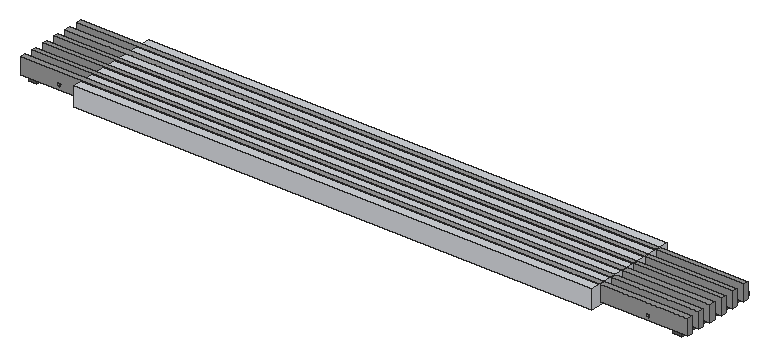
Revit family "1213-6, Solid", category Generic Models, host Face, Revit 2020
Family settings
  Host = Face
  Can host rebar = No
  Round Connector Dimension = Use Diameter
  Part Type = Normal
  Cut with Voids When Loaded = No
  Shared = No
  Room Calculation Point = No
Parameters
  min_value [instance] = 1' - 11 1/4"  # constant formula
  max_value [instance] = 11' - 11 1/4"  # constant formula
  actual_value [instance] = if(NET LENGTH < min_value, min_value, if(NET LENGTH > max_value, max_value, NET LENGTH))  # 7' - 11 1/4"
  NET LENGTH [instance] = 7' - 11 1/4"
  IMPORTANT NOTE!!!                                                                             *Backer & dowel layout is for visualization purposes only, final layout to be determined by 9Wood. [instance] = ""
  Default Elevation = 4' - 0"
  DOWEL RADIUS [instance] = 0' - 0 1/4"  # constant formula
  BACKING M MATERIAL [instance] = BLACK-BACKERS
  .. MEMBER WIDTH [instance] = 0' - 0 3/4"  # constant formula
  .. MEMBER MATERIAL [instance] = Solid Western Hemlock
  .. MEMBER DEPTH [instance] = 0' - 2 1/4"  # constant formula
  .. MEMBER COUNT [instance] = 6  # constant formula
Reference planes (in)
  plane 1 "Center (Front/Back)": y = 0
  plane 2: z = 2.726
  plane 3 "Center (Left/Right)": x = 0
Forms (in)
  Extrusion 1, solid
    sketch origin (15, -0.86619, -0.99308) x (0, 1, 0) y (-1, 0, 0)
      loop
        line (3.42869, -23.66817) -> (3.42869, 50.25) -> (-10, 50.25) -> (-10, -23.66817) -> (3.42869, -23.66817)
    from 3.71908 to 1.00111
Dimensions and locks (in)
  aligned and locked: plane 2 to Extrusion 1
Nested families (in)
  nested 1: "1200 Series" at (-44, -2, 1.87867), NET LENGTH <- "actual_value", DOWEL RADII <- "DOWEL RADIUS", .. MEMBER WIDTH <- ".. MEMBER WIDTH", .. MEMBER DEPTH <- ".. MEMBER DEPTH", .. MEMBER MATERIAL <- ".. MEMBER MATERIAL", BACKING M MATERIAL <- "BACKING M MATERIAL", .. MEMBER COUNT <- ".. MEMBER COUNT", type "1200 Series"
    with X 7' - 4", WIDTH 1' - 0 1/16", Space 0' - 0 11/16", START 0' - 0 3/8", SCRIM MATERIAL SCRIM, SCRIM 3 8' - 1", SCRIM 2 0' - 0 7/8", SCRIM 1 0' - 0 3/32", SCRIM yes, NET LENGTH 7' - 11 1/4", N 8, INSET 3 0' - 0 3/16", INSET 0' - 1", INDEX 0' - 5 5/8", END BACKER yes, DOWEL RADII 0' - 0 1/4", DOWEL COUNT 8, BACKING M WIDTH 0' - 1 1/4", BACKING M MATERIAL BLACK-BACKERS, BACKING M LENGTH 0' - 11 7/8", BACKING M DEPTH 0' - 0 1/2", .. MEMBER WIDTH 0' - 0 3/4", .. MEMBER OC TYP 0' - 2", .. MEMBER MATERIAL Solid Western Hemlock, .. MEMBER DEPTH 0' - 2 1/4", .. MEMBER COUNT 6
Definition of nested family "1200 Series"
  Parameters (values of type "1200 Series")
    X [instance] = NET LENGTH - (0' 3 5/8" * 2)  # 6' - 2"
    WIDTH [instance] = 1' - 0 1/16"
    Space [instance] = 0' - 0 11/16"  # constant formula
    START [instance] = .. MEMBER WIDTH / 2  # 0' - 0 3/8"
    SCRIM MATERIAL [instance] = none
    SCRIM 3 [instance] = NET LENGTH + (SCRIM 2 * 2)  # 6' - 11"
    SCRIM 2 [instance] = 0' - 0 7/8"
    SCRIM 1 [instance] = 0' - 0 3/32"
    SCRIM [instance] = yes
    NET LENGTH [instance] = 6' - 9 1/4"
    N [instance] = if((X - (rounddown(X / 1' 0") * 1' 0")) > 1' 0", rounddown(X / 1' 0") + 2, rounddown(X / 1' 0") + 1)  # 7
    INSET 3 [instance] = 0' - 0 3/16"
    INSET [instance] = 0' - 1"
    INDEX [instance] = (NET LENGTH - ((N - 1) * 1' 0")) / 2  # 0' - 4 5/8"
    END BACKER [instance] = yes
    Default Elevation = 0' - 0"
    DOWEL RADII [instance] = 0' - 0 1/4"
    DOWEL COUNT [instance] = N  # 7
    BACKING M WIDTH [instance] = 0' - 1 1/4"
    BACKING M MATERIAL [instance] = none
    BACKING M LENGTH [instance] = 0' - 11 7/8"
    BACKING M DEPTH [instance] = 0' - 0 1/2"
    .. MEMBER WIDTH [instance] = 0' - 0 3/4"
    .. MEMBER OC TYP [instance] = 1' 0" / .. MEMBER COUNT  # 0' - 3"
    .. MEMBER MATERIAL [instance] = none
    .. MEMBER DEPTH [instance] = 0' - 1 3/8"
    .. MEMBER COUNT [instance] = 4
  Reference planes (in)
    plane 1 "Center (Front/Back)": y = -7.5
    plane 2: z = 0
    plane 3 "Center (Left/Right)": x = 0
    plane 4: x = 1
    plane 5: x = 4.625
    plane 6: x = 81.25
    plane 7: x = 80.25
    plane 8: x = 16.625
    plane 9: y = -7.3125
    plane 10: y = -4.125
    plane 11: y = -7.125
    plane 12: y = 4.5625
    plane 13: y = -4.5
    plane 14: y = -7.59375
    plane 15: x = 82.125
    plane 16: y = 4.65625
    plane 17: x = -0.875
    plane 18: z = -1.375
    plane 19: z = -0.6875
  Lines and regions (in)
    model lines
      curve 1: line (4.375, -7.5, -0.6875) -> (4.875, -7.5, -0.6875)
    model lines, not visible
      curve 2: line (4.625, -7.5, -0.9375) -> (4.625, -7.5, -0.4375)
      curve 3: line (4.375, -7.5, -0.6875) -> (4.875, -7.5, -0.6875)
      curve 4: line (16.625, -7.5, -0.9375) -> (16.625, -7.5, -0.4375)
      curve 5: line (16.375, -7.5, -0.6875) -> (16.875, -7.5, -0.6875)
      curve 6: line (28.625, -7.5, -0.9375) -> (28.625, -7.5, -0.4375)
      curve 7: line (28.375, -7.5, -0.6875) -> (28.875, -7.5, -0.6875)
      curve 8: line (40.625, -7.5, -0.9375) -> (40.625, -7.5, -0.4375)
      curve 9: line (40.375, -7.5, -0.6875) -> (40.875, -7.5, -0.6875)
      curve 10: line (52.625, -7.5, -0.9375) -> (52.625, -7.5, -0.4375)
      curve 11: line (52.375, -7.5, -0.6875) -> (52.875, -7.5, -0.6875)
      curve 12: line (64.625, -7.5, -0.9375) -> (64.625, -7.5, -0.4375)
      curve 13: line (64.375, -7.5, -0.6875) -> (64.875, -7.5, -0.6875)
      curve 14: line (76.625, -7.5, -0.9375) -> (76.625, -7.5, -0.4375)
      curve 15: line (76.375, -7.5, -0.6875) -> (76.875, -7.5, -0.6875)
  Dimensions and locks (in)
    "NET LENGTH": plane 3 "Center (Left/Right)" to plane 6
    "INSET": plane 7 to plane 6
    "INDEX": plane 3 "Center (Left/Right)" to plane 5
    plane 5 to plane 8 = 1' - 0"
    "INSET 3": plane 1 "Center (Front/Back)" to plane 9
    equal spacing: group 1, group 2, group 3, group 4  (x3)
    "START": plane 11 to plane 1 "Center (Front/Back)"
    ".. MEMBER OC TYP": plane 10 to plane 11
    "WIDTH": plane 12 to plane 1 "Center (Front/Back)"
    "START": plane 10 to plane 13
    "SCRIM 1": plane 14 to plane 1 "Center (Front/Back)"
    "SCRIM 2": plane 6 to plane 15
    "SCRIM 1": plane 12 to plane 16
    "SCRIM 2": plane 17 to plane 3 "Center (Left/Right)"
    "INSET": plane 3 "Center (Left/Right)" to plane 4
    equal spacing: group 5, group 6, group 7, group 8, group 9, group 10, group 11  (x3)
    "Space": plane 19 to plane 18
    aligned and locked: level to plane 2
    aligned and locked: nested 1 to plane 4  (x2)
    aligned and locked: plane 7 to nested 2
    aligned and locked: plane 5 to nested 3
    aligned and locked: nested 1 to plane 9
    aligned and locked: plane 1 "Center (Front/Back)" to nested 4
    aligned and locked: plane 9 to nested 2
    aligned and locked: plane 13 to nested 5
    aligned and locked: nested 3 to plane 9
    aligned and locked: plane 18 to nested 1
    aligned and locked: plane 19 to nested 3
    aligned and locked: curve 1 to plane 19
    aligned and locked: plane 8 to curve 4
    aligned and locked: curve 5 to plane 19
    aligned and locked: nested 4 to plane 18
  Automatic sketch dimensions
    curve 1 to curve 1 = 0' - 0 1/2"
    curve 1 to plane 5 = 0' - 0 1/4"
    plane 5 to curve 1 = 0' - 0 1/4"
    curve 3 to curve 2 = 0' - 0 1/4"  (x2)
    curve 2 to curve 3 = 0' - 0 1/4"  (x2)
    curve 5 to curve 4 = 0' - 0 1/4"  (x2)
    curve 4 to curve 5 = 0' - 0 1/4"  (x2)
    curve 7 to curve 6 = 0' - 0 1/4"  (x2)
    curve 6 to curve 7 = 0' - 0 1/4"  (x2)
    curve 9 to curve 8 = 0' - 0 1/4"  (x2)
    curve 8 to curve 9 = 0' - 0 1/4"  (x2)
    curve 11 to curve 10 = 0' - 0 1/4"  (x2)
    curve 10 to curve 11 = 0' - 0 1/4"  (x2)
    curve 13 to curve 12 = 0' - 0 1/4"  (x2)
    curve 12 to curve 13 = 0' - 0 1/4"  (x2)
    curve 15 to curve 14 = 0' - 0 1/4"  (x2)
    curve 14 to curve 15 = 0' - 0 1/4"  (x2)
  Nested families (in)
    nested 1: "INSTANCE - 2ND -  EXTEND SIDE H CENTER W - Parametric Cube" at (1, -1.375, -1.375) x (0, -1, 0) z (0, 0, 1), Width <- "BACKING M LENGTH", Length <- "BACKING M WIDTH", Material <- "BACKING M MATERIAL", Height <- "BACKING M DEPTH", visible <- "END BACKER", type "INSTANCE - 2ND -  EXTEND SIDE H CENTER W - Parametric Cube"
      with Width 0' - 11 7/8", Material none, Length 0' - 1 1/4", Height 0' - 0 1/2"
    nested 2: "INSTANCE - 2ND -  EXTEND SIDE H CENTER W - Parametric Cube" at (80.25, -1.375, -1.375) x (0, -1, 0) z (0, 0, 1), Width <- "BACKING M LENGTH", Length <- "BACKING M WIDTH", Material <- "BACKING M MATERIAL", Height <- "BACKING M DEPTH", visible <- "END BACKER", type "INSTANCE - 2ND -  EXTEND SIDE H CENTER W - Parametric Cube"
      with Width 0' - 11 7/8", Material none, Length 0' - 1 1/4", Height 0' - 0 1/2"
    nested 3: "Family3" at (-5.375, -7.3125, -0.6875), DOWEL RADII <- "DOWEL RADII", BACKING MEM MATERIAL <- "BACKING M MATERIAL", type "Family3"
      with DOWEL RADII 0' - 0 1/4", DOWEL LENGTH 0' - 11 7/8", BACKING MEM MATERIAL none
    nested 4: "HOLED MEMBER" at (0, -18.75, 6.19404), DOWEL RADII <- "DOWEL RADII", .. MEMBER LENGTH <- "NET LENGTH", DOWEL COUNT <- "DOWEL COUNT", DEPTH <- ".. MEMBER DEPTH", .. MEMBER WIDTH <- ".. MEMBER WIDTH", Material <- ".. MEMBER MATERIAL", DOWEL INDEX <- "INDEX", Space 2 <- "Space", type "HOLED MEMBER"
      with Width 0' - 6", Space 2 0' - 0 11/16", Material none, Length 1' - 0", Height 0' - 10.43096", DOWEL RADII 0' - 0 1/4", DOWEL OC DIST 1' - 0", DOWEL INDEX 0' - 4 5/8", DOWEL COUNT 7, DEPTH 0' - 1 3/8", .. MEMBER WIDTH 0' - 0 3/4", .. MEMBER LENGTH 6' - 9 1/4"
    nested 5: "HOLED MEMBER" at (0, -15.75, 6.19404), DOWEL RADII <- "DOWEL RADII", .. MEMBER LENGTH <- "NET LENGTH", DOWEL COUNT <- "DOWEL COUNT", DEPTH <- ".. MEMBER DEPTH", .. MEMBER WIDTH <- ".. MEMBER WIDTH", Material <- ".. MEMBER MATERIAL", DOWEL INDEX <- "INDEX", Space 2 <- "Space", type "HOLED MEMBER"
      with Width 0' - 6", Space 2 0' - 0 11/16", Material none, Length 1' - 0", Height 0' - 10.43096", DOWEL RADII 0' - 0 1/4", DOWEL OC DIST 1' - 0", DOWEL INDEX 0' - 4 5/8", DOWEL COUNT 7, DEPTH 0' - 1 3/8", .. MEMBER WIDTH 0' - 0 3/4", .. MEMBER LENGTH 6' - 9 1/4"
    nested 6: "HOLED MEMBER" at (0, -12.75, 6.19404), DOWEL RADII <- "DOWEL RADII", .. MEMBER LENGTH <- "NET LENGTH", DOWEL COUNT <- "DOWEL COUNT", DEPTH <- ".. MEMBER DEPTH", .. MEMBER WIDTH <- ".. MEMBER WIDTH", Material <- ".. MEMBER MATERIAL", DOWEL INDEX <- "INDEX", Space 2 <- "Space", type "HOLED MEMBER"
      with Width 0' - 6", Space 2 0' - 0 11/16", Material none, Length 1' - 0", Height 0' - 10.43096", DOWEL RADII 0' - 0 1/4", DOWEL OC DIST 1' - 0", DOWEL INDEX 0' - 4 5/8", DOWEL COUNT 7, DEPTH 0' - 1 3/8", .. MEMBER WIDTH 0' - 0 3/4", .. MEMBER LENGTH 6' - 9 1/4"
    nested 7: "HOLED MEMBER" at (0, -9.75, 6.19404), DOWEL RADII <- "DOWEL RADII", .. MEMBER LENGTH <- "NET LENGTH", DOWEL COUNT <- "DOWEL COUNT", DEPTH <- ".. MEMBER DEPTH", .. MEMBER WIDTH <- ".. MEMBER WIDTH", Material <- ".. MEMBER MATERIAL", DOWEL INDEX <- "INDEX", Space 2 <- "Space", type "HOLED MEMBER"
      with Width 0' - 6", Space 2 0' - 0 11/16", Material none, Length 1' - 0", Height 0' - 10.43096", DOWEL RADII 0' - 0 1/4", DOWEL OC DIST 1' - 0", DOWEL INDEX 0' - 4 5/8", DOWEL COUNT 7, DEPTH 0' - 1 3/8", .. MEMBER WIDTH 0' - 0 3/4", .. MEMBER LENGTH 6' - 9 1/4"
    nested 8: "Family3" at (6.625, -7.3125, -0.6875), DOWEL RADII <- "DOWEL RADII", BACKING MEM MATERIAL <- "BACKING M MATERIAL", type "Family3"
      with DOWEL RADII 0' - 0 1/4", DOWEL LENGTH 0' - 11 7/8", BACKING MEM MATERIAL none
    nested 9: "Family3" at (18.625, -7.3125, -0.6875), DOWEL RADII <- "DOWEL RADII", BACKING MEM MATERIAL <- "BACKING M MATERIAL", type "Family3"
      with DOWEL RADII 0' - 0 1/4", DOWEL LENGTH 0' - 11 7/8", BACKING MEM MATERIAL none
    nested 10: "Family3" at (30.625, -7.3125, -0.6875), DOWEL RADII <- "DOWEL RADII", BACKING MEM MATERIAL <- "BACKING M MATERIAL", type "Family3"
      with DOWEL RADII 0' - 0 1/4", DOWEL LENGTH 0' - 11 7/8", BACKING MEM MATERIAL none
    nested 11: "Family3" at (42.625, -7.3125, -0.6875), DOWEL RADII <- "DOWEL RADII", BACKING MEM MATERIAL <- "BACKING M MATERIAL", type "Family3"
      with DOWEL RADII 0' - 0 1/4", DOWEL LENGTH 0' - 11 7/8", BACKING MEM MATERIAL none
    nested 12: "Family3" at (54.625, -7.3125, -0.6875), DOWEL RADII <- "DOWEL RADII", BACKING MEM MATERIAL <- "BACKING M MATERIAL", type "Family3"
      with DOWEL RADII 0' - 0 1/4", DOWEL LENGTH 0' - 11 7/8", BACKING MEM MATERIAL none
    nested 13: "Family3" at (66.625, -7.3125, -0.6875), DOWEL RADII <- "DOWEL RADII", BACKING MEM MATERIAL <- "BACKING M MATERIAL", type "Family3"
      with DOWEL RADII 0' - 0 1/4", DOWEL LENGTH 0' - 11 7/8", BACKING MEM MATERIAL none
  Definition of nested family "INSTANCE - 2ND -  EXTEND SIDE H CENTER W - Parametric Cube"
    Parameters (values of type "INSTANCE - 2ND -  EXTEND SIDE H CENTER W - Parametric Cube")
      Width [instance] = 0' - 6"
      Material [instance] = none
      Length [instance] = 1' - 0"
      Height [instance] = 1' - 6"
      Default Elevation = 0' - 0"
    Reference planes (in)
      plane 1 "Center (Front/Back)": y = 0
      plane 2: z = 0
      plane 3 "Center (Left/Right)": x = 0
      plane 4: x = -3
      plane 5: x = 3
      plane 6: y = 12
      plane 7: z = -18
    Forms (in)
      Extrusion 1, solid, material <- "Material"
        sketch origin (0, 6, 0) x (1, 0, 0) y (0, 1, 0)
          loop
            line (-3, 6) -> (-3, -6) -> (3, -6) -> (3, 6) -> (-3, 6)
        from -18 to 0
    Dimensions and locks (in)
      equal spacing: plane 4, plane 3 "Center (Left/Right)", plane 5
      "Width": plane 4 to plane 5
      "Height": plane 7 to level
      "Length": plane 1 "Center (Front/Back)" to plane 6
      aligned and locked: plane 2 to level
      aligned and locked: plane 4 to Extrusion 1 sketch curve
      aligned and locked: Extrusion 1 sketch curve to plane 5
      aligned and locked: Extrusion 1 to plane 7
      aligned and locked: plane 6 to Extrusion 1
    Automatic sketch dimensions
      plane 1 "Center (Front/Back)" to Extrusion 1 sketch curve = 0' - 0"
      plane 6 to Extrusion 1 sketch curve = 0' - 0"
  Definition of nested family "Family3"
    Parameters (values of type "Family3")
      Default Elevation = 0' - 0"
      DOWEL RADII [instance] = 0' - 0 5/8"
      DOWEL LENGTH [instance] = 0' - 5"
      BACKING MEM MATERIAL [instance] = none
    Reference planes (in)
      plane 1 "Center (Front/Back)": y = 0
      plane 2: z = 0
      plane 3 "Center (Left/Right)": x = 0
      plane 4: y = 5
    Forms (in)
      Extrusion 1, solid, material <- "BACKING MEM MATERIAL"
        sketch origin (10, 0, 0) x (1, 0, 0) y (0, 0, 1)
          loop
            circle (0, 0) r 0.625
        from 0 to -5
      Extrusion 2, solid, not visible
        sketch origin (0, 0, 0) x (1, 0, 0) y (0, 0, 1)
          loop
            circle (0, 0) r 0.625
        from 0 to 12
      Extrusion 3, solid, not visible
        sketch origin (10, 0, 0) x (1, 0, 0) y (0, 0, 1)
          loop
            circle (0, 0) r 0.625
        from 0 to 2.5
      Extrusion 4, solid, not visible
        sketch origin (10, 0, 0) x (1, 0, 0) y (0, 0, 1)
          loop
            circle (0, 0) r 0.625
        from 0 to -12
    Lines and regions (in)
      model lines, not visible
        curve 1: line (-13, 0, 0) -> (-13, -12, 0)
        curve 2: line (13, 0, 0) -> (13, -12, 0)
        curve 3: line (9.89453, 0, 0) -> (10.08794, 0, 0)
        curve 4: line (9.89453, -2.5, 0) -> (10.08794, -2.5, 0)
        curve 6: line (10, 0, 0) -> (10, 2, 0)
      model lines
        curve 5: line (10, 0, 0) -> (10, 2, 0)
    Dimensions and locks (in)
      "DOWEL LENGTH": plane 1 "Center (Front/Back)" to plane 4
      "DOWEL RADII": radius of Extrusion 1 sketch curve
      "DOWEL RADII": radius of Extrusion 2 sketch curve
      "DOWEL RADII": radius of Extrusion 3 sketch curve
      "DOWEL RADII": radius of Extrusion 4 sketch curve
      "DOWEL RADII": radius of Extrusion 1
      aligned and locked: plane 2 to level
      aligned and locked: Extrusion 1 to plane 1 "Center (Front/Back)"  (x3)
      aligned and locked: plane 1 "Center (Front/Back)" to Extrusion 1
      aligned and locked: plane 4 to Extrusion 1
    Automatic sketch dimensions
      plane 1 "Center (Front/Back)" to curve 5 = 0' - 0"
      curve 5 to plane 1 "Center (Front/Back)" = 0' - 2"
      plane 3 "Center (Left/Right)" to curve 5 = 0' - 10"
      Extrusion 1 sketch curve to level = 0' - 0"
      plane 3 "Center (Left/Right)" to Extrusion 1 sketch curve = 0' - 10"
  Definition of nested family "HOLED MEMBER"
    Parameters (values of type "HOLED MEMBER")
      Width [instance] = 0' - 6"
      Space 2 [instance] = 0' - 0 5/8"
      Space = 0' - 0 5/8"
      Material [instance] = none
      Length [instance] = 1' - 0"
      Height [instance] = 0' - 10.43096"
      Default Elevation = 0' - 0"
      DOWEL RADII [instance] = 0' - 0.34537"
      DOWEL OC DIST [instance] = 1' - 0"
      DOWEL INSET = 0' - 0 5/8"
      DOWEL INDEX [instance] = 0' - 5 5/8"
      DOWEL COUNT [instance] = 6
      DEPTH [instance] = 0' - 2"
      .. MEMBER WIDTH [instance] = 0' - 0 5/8"
      .. MEMBER LENGTH [instance] = 5' - 11 3/4"
    Reference planes (in)
      plane 1 "Center (Front/Back)": y = 12
      plane 2: z = -7.56904
      plane 3 "Center (Left/Right)": x = 0
      plane 4: x = 5.625
      plane 5: x = 17.625
      plane 6: y = 11.375
      plane 7: x = 71.75
      plane 8: z = -6.94404
      plane 9: z = -5.56904
    Forms (in)
      Extrusion 1, solid, material <- "Material"
        sketch origin (0, 12, -13.56904) x (1, 0, 0) y (0, 0, 1)
          loop
            line (0, 6) -> (71.75, 6) -> (71.75, 8) -> (0, 8) -> (0, 6)
        from 0.625 to 0
      Extrusion 2, void
        sketch origin (0, 12, -18.31904) x (1, 0, 0) y (0, 0, 1)
          loop
            circle (5.625, 11.375) r 0.34537
        from 0 to 12
      Extrusion 3, void, not visible
        sketch origin (0, 1.25, 0) x (1, 0, 0) y (0, 1, 0)
          loop
            circle (5.625, 11.375) r 0.34537
        from 0 to 12
      Extrusion 4, void, not visible
        sketch origin (0, 1.25, 0) x (1, 0, 0) y (0, 1, 0)
          loop
            circle (5.625, 11.375) r 0.34537
        from 0 to 12
      Extrusion 5, void, not visible
        sketch origin (12, 1.25, 0) x (1, 0, 0) y (0, 1, 0)
          loop
            circle (5.625, 11.375) r 0.34537
        from 0 to 12
      Extrusion 6, void, not visible
        sketch origin (0, 12, -16.31904) x (1, 0, 0) y (0, 0, 1)
          loop
            circle (5.625, 11.375) r 0.34537
        from 0 to 12
      Extrusion 7, void, not visible
        sketch origin (12, 12, -16.31904) x (1, 0, 0) y (0, 0, 1)
          loop
            circle (5.625, 11.375) r 0.34537
        from 0 to 12
      Extrusion 8, void, not visible
        sketch origin (0, 12, -18.31904) x (1, 0, 0) y (0, 0, 1)
          loop
            circle (5.625, 11.375) r 0.34537
        from 0 to 12
      Extrusion 9, void
        sketch origin (12, 12, -18.31904) x (1, 0, 0) y (0, 0, 1)
          loop
            circle (5.625, 11.375) r 0.34537
        from 0 to 12
      Extrusion 10, void, not visible
        sketch origin (24, 12, -16.31904) x (1, 0, 0) y (0, 0, 1)
          loop
            circle (5.625, 11.375) r 0.34537
        from 0 to 12
      Extrusion 11, void, not visible
        sketch origin (36, 12, -16.31904) x (1, 0, 0) y (0, 0, 1)
          loop
            circle (5.625, 11.375) r 0.34537
        from 0 to 12
      Extrusion 12, void, not visible
        sketch origin (48, 12, -16.31904) x (1, 0, 0) y (0, 0, 1)
          loop
            circle (5.625, 11.375) r 0.34537
        from 0 to 12
      Extrusion 13, void, not visible
        sketch origin (60, 12, -16.31904) x (1, 0, 0) y (0, 0, 1)
          loop
            circle (5.625, 11.375) r 0.34537
        from 0 to 12
      Extrusion 14, void, not visible
        sketch origin (24, 1.25, 0) x (1, 0, 0) y (0, 1, 0)
          loop
            circle (5.625, 11.375) r 0.34537
        from 0 to 12
      Extrusion 15, void, not visible
        sketch origin (36, 1.25, 0) x (1, 0, 0) y (0, 1, 0)
          loop
            circle (5.625, 11.375) r 0.34537
        from 0 to 12
      Extrusion 16, void, not visible
        sketch origin (48, 1.25, 0) x (1, 0, 0) y (0, 1, 0)
          loop
            circle (5.625, 11.375) r 0.34537
        from 0 to 12
      Extrusion 17, void, not visible
        sketch origin (60, 1.25, 0) x (1, 0, 0) y (0, 1, 0)
          loop
            circle (5.625, 11.375) r 0.34537
        from 0 to 12
      Extrusion 18, void
        sketch origin (24, 12, -18.31904) x (1, 0, 0) y (0, 0, 1)
          loop
            circle (5.625, 11.375) r 0.34537
        from 0 to 12
      Extrusion 19, void
        sketch origin (36, 12, -18.31904) x (1, 0, 0) y (0, 0, 1)
          loop
            circle (5.625, 11.375) r 0.34537
        from 0 to 12
      Extrusion 20, void
        sketch origin (48, 12, -18.31904) x (1, 0, 0) y (0, 0, 1)
          loop
            circle (5.625, 11.375) r 0.34537
        from 0 to 12
      Extrusion 21, void
        sketch origin (60, 12, -18.31904) x (1, 0, 0) y (0, 0, 1)
          loop
            circle (5.625, 11.375) r 0.34537
        from 0 to 12
    Cuts and joins
      Extrusion 2, Extrusion 9, Extrusion 18, Extrusion 19, Extrusion 20, Extrusion 21 cuts Extrusion 1
    Lines and regions (in)
      model lines, not visible
        curve 1: line (5.625, 11.72037, 0) -> (5.625, 11.02963, 0)
        curve 2: line (5.625, 11.72037, 0) -> (5.625, 11.02963, 0)
        curve 3: line (17.625, 11.72037, 0) -> (17.625, 11.02963, 0)
        curve 4: line (5.625, 12, -7.56904) -> (5.625, 11.87317, -7.56904)
        curve 5: line (5.625, 11.87317, -7.56904) -> (5.06195, 11.87317, -7.56904)
        curve 6: line (5.06195, 11.87317, -7.56904) -> (5.27963, 11.375, -7.56904)
        curve 7: line (0, 12, -6.19404) -> (0, 11.61951, -6.19404)
        curve 8: line (0, 11.375, -8.19404) -> (0, 11.6747, -8.19404)
        curve 9: line (5.625, 12, -7.56904) -> (5.625, 11.69863, -7.56904)
        curve 11: line (5.625, 12, 0) -> (5.625, 12, 0.30137)
        curve 12: line (5.625, 12, 0) -> (5.625, 12, 0.30137)
        curve 13: line (17.625, 12, 0) -> (17.625, 12, 0.30137)
        curve 14: line (5.625, 12, -5.56904) -> (5.625, 11.69863, -5.56904)
        curve 15: line (17.625, 12, -5.56904) -> (17.625, 11.69863, -5.56904)
        curve 16: line (5.625, 12, -7.56904) -> (5.625, 11.69863, -7.56904)
        curve 18: line (29.625, 12, -5.56904) -> (29.625, 11.69863, -5.56904)
        curve 19: line (41.625, 12, -5.56904) -> (41.625, 11.69863, -5.56904)
        curve 20: line (53.625, 12, -5.56904) -> (53.625, 11.69863, -5.56904)
        curve 21: line (65.625, 12, -5.56904) -> (65.625, 11.69863, -5.56904)
        curve 22: line (29.625, 11.72037, 0) -> (29.625, 11.02963, 0)
        curve 23: line (29.625, 12, 0) -> (29.625, 12, 0.30137)
        curve 24: line (41.625, 11.72037, 0) -> (41.625, 11.02963, 0)
        curve 25: line (41.625, 12, 0) -> (41.625, 12, 0.30137)
        curve 26: line (53.625, 11.72037, 0) -> (53.625, 11.02963, 0)
        curve 27: line (53.625, 12, 0) -> (53.625, 12, 0.30137)
        curve 28: line (65.625, 11.72037, 0) -> (65.625, 11.02963, 0)
        curve 29: line (65.625, 12, 0) -> (65.625, 12, 0.30137)
        curve 35: line (5.27963, 12.625, 0) -> (5.97037, 12.625, 0)
        curve 36: line (5.27963, 12.625, 0) -> (5.97037, 12.625, 0)
        curve 37: line (17.27963, 12.625, 0) -> (17.97037, 12.625, 0)
        curve 38: line (5.27963, 12, -4.94404) -> (5.97037, 12, -4.94404)
        curve 39: line (17.27963, 12, -4.94404) -> (17.97037, 12, -4.94404)
        curve 40: line (5.27963, 12, -6.94404) -> (5.97037, 12, -6.94404)
        curve 42: line (29.27963, 12, -4.94404) -> (29.97037, 12, -4.94404)
        curve 43: line (41.27963, 12, -4.94404) -> (41.97037, 12, -4.94404)
        curve 44: line (53.27963, 12, -4.94404) -> (53.97037, 12, -4.94404)
        curve 45: line (65.27963, 12, -4.94404) -> (65.97037, 12, -4.94404)
        curve 46: line (29.27963, 12.625, 0) -> (29.97037, 12.625, 0)
        curve 47: line (41.27963, 12.625, 0) -> (41.97037, 12.625, 0)
        curve 48: line (53.27963, 12.625, 0) -> (53.97037, 12.625, 0)
        curve 49: line (65.27963, 12.625, 0) -> (65.97037, 12.625, 0)
        curve 54: line (0, 12, -6.94404) -> (0, 4.22059, -6.94404)
        curve 55: line (0, 12.625, 0) -> (0, 12.625, 7.77941)
        curve 56: line (0, 12.625, 0) -> (0, 12.625, 7.77941)
        curve 57: line (12, 12.625, 0) -> (12, 12.625, 7.77941)
        curve 58: line (0, 12, -4.94404) -> (0, 4.22059, -4.94404)
        curve 59: line (12, 12, -4.94404) -> (12, 4.22059, -4.94404)
        curve 60: line (0, 12, -6.94404) -> (0, 4.22059, -6.94404)
        curve 61: line (12, 12, -6.94404) -> (12, 4.22059, -6.94404)
        curve 62: line (24, 12, -4.94404) -> (24, 4.22059, -4.94404)
        curve 63: line (36, 12, -4.94404) -> (36, 4.22059, -4.94404)
        curve 64: line (48, 12, -4.94404) -> (48, 4.22059, -4.94404)
        curve 65: line (60, 12, -4.94404) -> (60, 4.22059, -4.94404)
        curve 66: line (24, 12.625, 0) -> (24, 12.625, 7.77941)
        curve 67: line (36, 12.625, 0) -> (36, 12.625, 7.77941)
        curve 68: line (48, 12.625, 0) -> (48, 12.625, 7.77941)
        curve 69: line (60, 12.625, 0) -> (60, 12.625, 7.77941)
        curve 70: line (24, 12, -6.94404) -> (24, 4.22059, -6.94404)
        curve 71: line (36, 12, -6.94404) -> (36, 4.22059, -6.94404)
        curve 72: line (48, 12, -6.94404) -> (48, 4.22059, -6.94404)
        curve 73: line (60, 12, -6.94404) -> (60, 4.22059, -6.94404)
      model lines
        curve 10: line (5.625, 12, -7.56904) -> (5.625, 11.69863, -7.56904)
        curve 17: line (17.625, 12, -7.56904) -> (17.625, 11.69863, -7.56904)
        curve 30: line (29.625, 12, -7.56904) -> (29.625, 11.69863, -7.56904)
        curve 31: line (41.625, 12, -7.56904) -> (41.625, 11.69863, -7.56904)
        curve 32: line (53.625, 12, -7.56904) -> (53.625, 11.69863, -7.56904)
        curve 33: line (65.625, 12, -7.56904) -> (65.625, 11.69863, -7.56904)
        curve 34: line (5.27963, 12, -6.94404) -> (5.97037, 12, -6.94404)
        curve 41: line (17.27963, 12, -6.94404) -> (17.97037, 12, -6.94404)
        curve 50: line (29.27963, 12, -6.94404) -> (29.97037, 12, -6.94404)
        curve 51: line (41.27963, 12, -6.94404) -> (41.97037, 12, -6.94404)
        curve 52: line (53.27963, 12, -6.94404) -> (53.97037, 12, -6.94404)
        curve 53: line (65.27963, 12, -6.94404) -> (65.97037, 12, -6.94404)
    Dimensions and locks (in)
      "DOWEL INDEX": plane 3 "Center (Left/Right)" to plane 4
      "DOWEL OC DIST": plane 4 to plane 5
      ".. MEMBER LENGTH": plane 3 "Center (Left/Right)" to plane 7
      equal spacing: group 3, group 4, group 17, group 18, group 19, group 20  (x3)
      equal spacing: group 7, group 8, group 13, group 14, group 15, group 16  (x3)
      equal spacing: group 1, group 12, group 21, group 22, group 23, group 24  (x3)
      ".. MEMBER WIDTH": plane 6 to plane 1 "Center (Front/Back)"
      "DEPTH": plane 9 to level
      "Space 2": plane 8 to level
      "DOWEL RADII": radius of Extrusion 2 sketch curve
      "DOWEL RADII": radius of Extrusion 3 sketch curve
      "DOWEL RADII": radius of Extrusion 4 sketch curve
      "DOWEL RADII": radius of Extrusion 5 sketch curve
      "DOWEL RADII": radius of Extrusion 6 sketch curve
      "DOWEL RADII": radius of Extrusion 7 sketch curve
      "DOWEL RADII": radius of Extrusion 8 sketch curve
      "DOWEL RADII": radius of Extrusion 9 sketch curve
      "DOWEL RADII": radius of Extrusion 10 sketch curve
      "DOWEL RADII": radius of Extrusion 11 sketch curve
      "DOWEL RADII": radius of Extrusion 12 sketch curve
      "DOWEL RADII": radius of Extrusion 13 sketch curve
      "DOWEL RADII": radius of Extrusion 14 sketch curve
      "DOWEL RADII": radius of Extrusion 15 sketch curve
      "DOWEL RADII": radius of Extrusion 16 sketch curve
      "DOWEL RADII": radius of Extrusion 17 sketch curve
      "DOWEL RADII": radius of Extrusion 18 sketch curve
      "DOWEL RADII": radius of Extrusion 19 sketch curve
      "DOWEL RADII": radius of Extrusion 20 sketch curve
      "DOWEL RADII": radius of Extrusion 21 sketch curve
      aligned and locked: level to plane 2
      aligned and locked: Extrusion 1 to plane 3 "Center (Left/Right)"  (x2)
      aligned and locked: plane 7 to cut or joined group of Extrusion 1, Extrusion 2, Extrusion 9, Extrusion 18, Extrusion 19, Extrusion 20, Extrusion 21  (x2)
      aligned and locked: cut or joined group of Extrusion 1, Extrusion 2, Extrusion 9, Extrusion 18, Extrusion 19, Extrusion 20, Extrusion 21 to plane 1 "Center (Front/Back)"  (x2)
      aligned and locked: cut or joined group of Extrusion 1, Extrusion 2, Extrusion 9, Extrusion 18, Extrusion 19, Extrusion 20, Extrusion 21 to plane 6  (x2)
      aligned and locked: plane 4 to curve 10
      aligned and locked: plane 5 to curve 17
      aligned and locked: plane 9 to cut or joined group of Extrusion 1, Extrusion 2, Extrusion 9, Extrusion 18, Extrusion 19, Extrusion 20, Extrusion 21  (x2)
      aligned and locked: cut or joined group of Extrusion 1, Extrusion 2, Extrusion 9, Extrusion 18, Extrusion 19, Extrusion 20, Extrusion 21 to level
      aligned and locked: plane 8 to Extrusion 2
      aligned and locked: curve 34 to plane 8
      aligned and locked: curve 41 to plane 8
      aligned and locked: level to curve 10
      aligned and locked: curve 10 to level
      aligned and locked: plane 8 to cut or joined group of Extrusion 1, Extrusion 2, Extrusion 9, Extrusion 18, Extrusion 19, Extrusion 20, Extrusion 21
      aligned and locked: curve 54 to plane 8
    Automatic sketch dimensions
      curve 1 to curve 1 = 0' - 0.69074"
      curve 2 to curve 2 = 0' - 0.69074"
      curve 3 to curve 3 = 0' - 0.69074"
      Extrusion 1 sketch curve to plane 3 "Center (Left/Right)" = 0' - 0"
      Extrusion 1 sketch curve to plane 7 = 0' - 0"
      Extrusion 1 sketch curve to Extrusion 1 sketch curve = 0' - 2"
      level to Extrusion 1 sketch curve = 0' - 0"
      curve 9 to curve 9 = 0' - 0.30137"
      curve 10 to curve 10 = 0' - 0.30137"
      curve 11 to curve 11 = 0' - 0.30137"
      curve 12 to curve 12 = 0' - 0.30137"
      curve 13 to curve 13 = 0' - 0.30137"
      curve 14 to curve 14 = 0' - 0.30137"
      curve 15 to curve 15 = 0' - 0.30137"
      curve 16 to curve 16 = 0' - 0.30137"
      curve 17 to curve 17 = 0' - 0.30137"
      curve 18 to curve 18 = 0' - 0.30137"
      curve 19 to curve 19 = 0' - 0.30137"
      curve 20 to curve 20 = 0' - 0.30137"
      curve 21 to curve 21 = 0' - 0.30137"
      curve 22 to curve 22 = 0' - 0.69074"
      curve 23 to curve 23 = 0' - 0.30137"
      curve 24 to curve 24 = 0' - 0.69074"
      curve 25 to curve 25 = 0' - 0.30137"
      curve 26 to curve 26 = 0' - 0.69074"
      curve 27 to curve 27 = 0' - 0.30137"
      curve 28 to curve 28 = 0' - 0.69074"
      curve 29 to curve 29 = 0' - 0.30137"
      curve 30 to curve 30 = 0' - 0.30137"
      curve 31 to curve 31 = 0' - 0.30137"
      curve 32 to curve 32 = 0' - 0.30137"
      curve 33 to curve 33 = 0' - 0.30137"
      curve 34 to curve 34 = 0' - 0.69074"
      curve 35 to curve 35 = 0' - 0.69074"
      curve 36 to curve 36 = 0' - 0.69074"
      curve 37 to curve 37 = 0' - 0.69074"
      curve 38 to curve 38 = 0' - 0.69074"
      curve 39 to curve 39 = 0' - 0.69074"
      curve 40 to curve 40 = 0' - 0.69074"
      curve 41 to curve 41 = 0' - 0.69074"
      curve 42 to curve 42 = 0' - 0.69074"
      curve 43 to curve 43 = 0' - 0.69074"
      curve 44 to curve 44 = 0' - 0.69074"
      curve 45 to curve 45 = 0' - 0.69074"
      curve 46 to curve 46 = 0' - 0.69074"
      curve 47 to curve 47 = 0' - 0.69074"
      curve 48 to curve 48 = 0' - 0.69074"
      curve 49 to curve 49 = 0' - 0.69074"
      curve 50 to curve 50 = 0' - 0.69074"
      curve 51 to curve 51 = 0' - 0.69074"
      curve 52 to curve 52 = 0' - 0.69074"
      curve 53 to curve 53 = 0' - 0.69074"
      curve 54 to curve 54 = 0' - 7.77941"
      curve 55 to curve 55 = 0' - 7.77941"
      curve 56 to curve 56 = 0' - 7.77941"
      curve 57 to curve 57 = 0' - 7.77941"
      curve 58 to curve 58 = 0' - 7.77941"
      curve 59 to curve 59 = 0' - 7.77941"
      curve 60 to curve 60 = 0' - 7.77941"
      curve 61 to curve 61 = 0' - 7.77941"
      curve 62 to curve 62 = 0' - 7.77941"
      curve 63 to curve 63 = 0' - 7.77941"
      curve 64 to curve 64 = 0' - 7.77941"
      curve 65 to curve 65 = 0' - 7.77941"
      curve 66 to curve 66 = 0' - 7.77941"
      curve 67 to curve 67 = 0' - 7.77941"
      curve 68 to curve 68 = 0' - 7.77941"
      curve 69 to curve 69 = 0' - 7.77941"
      curve 70 to curve 70 = 0' - 7.77941"
      curve 71 to curve 71 = 0' - 7.77941"
      curve 72 to curve 72 = 0' - 7.77941"
      curve 73 to curve 73 = 0' - 7.77941"
